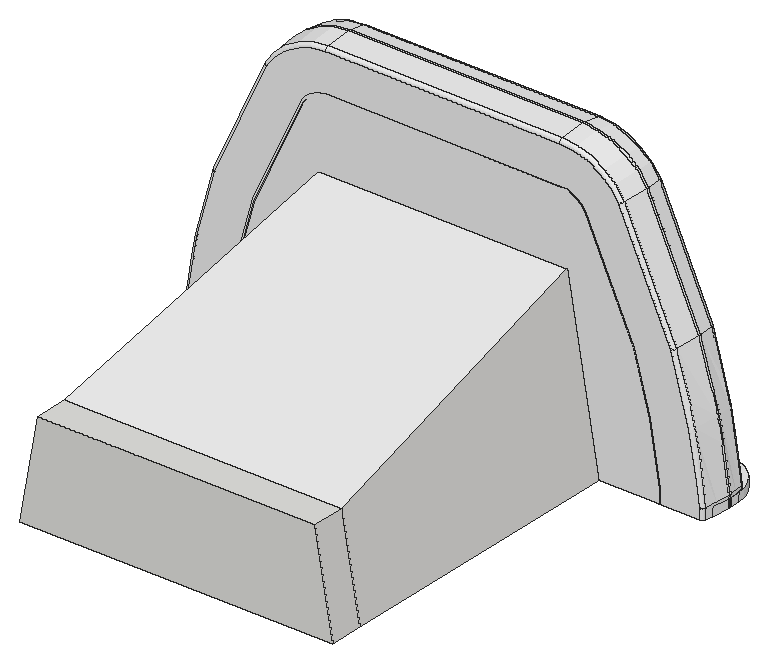
Revit family "Plumbing-Sink-Sloan-Valve-EWF-44000", category Plumbing Fixtures, host Face, Revit 2019
Family settings
  Host = Face
  Round Connector Dimension = Use Diameter
  Part Type = Normal
  OmniClass Number = 23.45.05.14.14
  OmniClass Title = Sinks/Lavatories
  Cut with Voids When Loaded = No
  Shared = No
  Room Calculation Point = No
Parameters (values of type "EWF-44000-FM")
  z_FM = yes
  z_D [instance] = if(z_FM, 0", if([TAS Ages 4-10], 13 1/2", if([TAS Ages 11-15], 15 1/2", if(ADA Compliant, 6", 6"))))  # 0"
  z_C [instance] = if([TAS Ages 4-10], 30", if([TAS Ages 11-15], 32", if(ADA Compliant, 33 1/2", 34")))  # 34"
  Width = 46"  # constant formula
  Water Flow = 0.5 GPM
  Waste Connection = yes
  WFU = 2
  Voltage = 110 V
  Vent Connection = no
  Valve Pressure Drop = 0.0 Pa
  URL = "www.sloanvalve.com"
  TAS Ages 4-10 [instance] = no
  TAS Ages 11-15 [instance] = no
  Sanitary Drain Connection Diameter = 1 1/2"  # constant formula
  Product data url = "https://bimobject.com/sloan_valve/product/sinks_sloanstone_ewf-44000"
  Product Material = Sloan - SloanStone - Pearl (PL)
  Product Guid = ""
  Power Factor = 0.8
  Part Number = ""
  Number of Poles = 3
  Model = "EWF-44000-FM"
  Manufacturer = "Sloan Valve"  # constant formula
  Keynote = "10000"
  Hot Water Connection Diameter = 1/2"  # constant formula
  Height = 39 1/2"  # constant formula
  HWFU = 1.5
  HW Connection = yes
  z_Elevation [instance] = if(z_FM, 23 1/2", if([TAS Ages 4-10], 20 1/2", if([TAS Ages 11-15], 22 1/2", if(ADA Compliant, 24", 23 1/2"))))  # 23 1/2"
  Frequency = 60 Hz
  Edition number = 1
  Description = "SloanStone® 4-Station Wall-Mounted Wash Fountain Sink."
  Depth = 26"  # constant formula
  Default Elevation = 0"  # constant formula
  Current = 15 A
  Cold Water Connection Diameter = 1/2"  # constant formula
  CWFU = 1.5
  CW Connection = yes
  Assembly Code = "D2010400"
  Apparent Load = (Voltage * Current) / (Power Factor * Number of Poles)  # 687.5 VA
  ADA Compliant [instance] = no
Reference planes (in)
  plane 1 "Center (Front/Back)": y = 0
  plane 2: z = 0
  plane 3 "Center (Left/Right)": x = 0
  plane 4: y = -10.5
  plane 5: y = -34
  plane 6: y = -34
Dimensions and locks (in)
  "z_C": plane 5 to plane 1 "Center (Front/Back)"
  "z_Elevation": plane 4 to plane 5
  "z_D": plane 6 to plane 5
  aligned and locked: plane 2 to host face
  aligned and locked: level to host face
  aligned and locked: plane 3 "Center (Left/Right)" to nested 1
  aligned and locked: plane 1 "Center (Front/Back)" to nested 1
Automatic sketch dimensions
  host sketch curve to host sketch curve = 96"  (x2)
Nested families (in)
  nested 1: "Geometry" at (0, 0, 0), type "Geometry"
    with D 0"
Connectors (in)
  piping at (0, -10.5, 0), diameter 1.5, driven by "Sanitary Drain Connection Diameter", driven by "WFU"
    settings: on nested 1, index 12, connector inside diameter 24", connector length 0", flow factor 0, pipe flow 0.0 GPM, pressure drop 0.0 Pa, fitting loss kfactor 0, connector angle 0.00°, fixture units 2, engagement length 0", angle of deflection 0.00°, flow configuration 3, flow direction 2, fitting loss method 0, system type 16, joint type 0, gender type 0, connector reference index -1, connector utility 0, adjustable connector no, is connector primary yes, connector description "Sanitary Drain Connection"
  piping at (-3.75, -26, 0), diameter 0.5, driven by "Hot Water Connection Diameter", driven by "Valve Pressure Drop", driven by "Water Flow"
    settings: on nested 1, index 13, connector inside diameter 24", connector length 0", flow factor 0, pipe flow 0.5 GPM, pressure drop 0.0 Pa, fitting loss kfactor 0, connector angle 0.00°, fixture units 1.5, engagement length 0", angle of deflection 0.00°, flow configuration 2, flow direction 1, fitting loss method 0, system type 19, joint type 0, gender type 0, connector reference index -1, connector utility 0, adjustable connector no, is connector primary no, connector description "Hot Water Connection"
  piping at (3.75, -26, 0), diameter 0.5, driven by "Cold Water Connection Diameter", driven by "Valve Pressure Drop", driven by "Water Flow"
    settings: on nested 1, index 14, connector inside diameter 24", connector length 0", flow factor 0, pipe flow 0.5 GPM, pressure drop 0.0 Pa, fitting loss kfactor 0, connector angle 0.00°, fixture units 1.5, engagement length 0", angle of deflection 0.00°, flow configuration 1, flow direction 1, fitting loss method 0, system type 20, joint type 0, gender type 0, connector reference index -1, connector utility 0, adjustable connector no, is connector primary no, connector description "Cold Water Connection"
  electrical at (7.81046, -19.5, 0.03125), driven by "Number of Poles", driven by "Voltage", driven by "Apparent Load", driven by "Apparent Load", driven by "Apparent Load", driven by "Power Factor"
    settings: on nested 1, index 15, voltage 110 V, apparent load 0 VA, apparent load phase1 687.5 VA, apparent load phase2 687.5 VA, apparent load phase3 687.5 VA, power factor 0.8, load classification "Other", number of poles 3, system type 31, power factor state 1, is connector primary yes, connector utility no, sub classification motor no, connector description "Power Connection"
Definition of nested family "Geometry"
  Parameters (values of type "Geometry")
    URL = ""
    Product Material = none
    Model = ""
    Manufacturer = ""
    Keynote = ""
    Description = ""
    Default Elevation = 34"
    D = 6"
    C = 34"
    Assembly Code = ""
    A = 23 1/2"
  Reference planes (in)
    plane 1 "Center (Front/Back)": y = 0
    plane 2: z = 0
    plane 3 "Center (Left/Right)": x = 0
    plane 4: x = -23
    plane 5: x = 23
    plane 6: z = 26
    plane 7: y = -34
    plane 8: y = -25
    plane 9: y = 5.5
    plane 10: y = -4.5
    plane 11: y = -19.5
    plane 12: x = -1
    plane 13: x = -5
    plane 14: y = -10.5
    plane 15: x = 11.56393
    plane 16: x = -11.56393
    plane 17: x = 5
    plane 18: y = 4.31555
    plane 19: x = -13.81046
    plane 20: x = 13.81046
    plane 21: x = -11.02386
    plane 22: x = 11.02386
    plane 23: x = -22.62222
    plane 24: x = -22.87557
    plane 25: x = -22.92324
    plane 26: x = -22.94739
    plane 27: x = 23.1084
    plane 28: x = 23.18958
    plane 29: x = -23.16714
    plane 30: x = -23.15483
    plane 31: z = 25.83579
    plane 32: z = 25.86616
    plane 33: z = 26.04104
    plane 34: y = -28
  Forms (in)
    Extrusion 1, solid
      sketch origin (0, 0, 0) x (1, 0, 0) y (0, 1, 0)
        loop
          line (-48, 48) -> (-48, -48) -> (48, -48) -> (48, 48) -> (-48, 48)
      from 0 to -12
    Sweep 2, solid, material <- "Product Material"
      path origin (2.17627, 0, 0) x (1, 0, 0) y (0, 0, 1)
        loop
          line (20.73024, 0.03125) -> (20.73024, 0.96952)
          arc (20.73024, 0.96952) -> (19.7696, 6.86823) -> (18.16101, 12.62409) r 53.83177
          arc (18.16101, 12.62409) -> (16.12144, 17.73285) -> (13.56458, 22.60334) r 53.13163
          arc (13.56458, 22.60334) -> (11.31862, 24.81051) -> (8.27461, 25.61668) r 6.14997
          line (8.27461, 25.61668) -> (-12.44258, 25.61668)
          arc (-12.44258, 25.61668) -> (-15.48659, 24.81051) -> (-17.73255, 22.60334) r 6.14997
          arc (-17.73255, 22.60334) -> (-20.2894, 17.73285) -> (-22.32898, 12.62409) r 53.13163
          arc (-22.32898, 12.62409) -> (-23.93757, 6.86823) -> (-24.89821, 0.96952) r 53.83177
          line (-24.89821, 0.96952) -> (-24.89821, 0.03125)
      profile origin (22.90651, 0, 0.96952) x (-1, 0, 0) y (0, -1, 0)
        loop
          line (1.47023, 0.49788) -> (1.47023, 3.5) -> (3.72023, 3.5) -> (3.72023, 4.49801) -> (1.47023, 4.49801) -> (0.09119, 4.49801)
          arc (0.09119, 4.49801) -> (-0.11947, 4.41633) -> (-0.22001, 4.21399) r 0.3125
          line (-0.22001, 4.21399) -> (-0.42526, 1.97111)
          arc (-0.42526, 1.97111) -> (-0.43105, 1.86939) -> (-0.43348, 1.76753) r 3.08985
          line (-0.43348, 1.76753) -> (-0.1996, 0.26248)
          arc (-0.1996, 0.26248) -> (-0.0941, 0.07314) -> (0.1092, -0.00203) r 0.3125
          line (0.1092, -0.00203) -> (0.97023, -0.00212)
          arc (0.97023, -0.00212) -> (1.32379, 0.14433) -> (1.47023, 0.49788) r 0.5
    Sweep 3, solid, material <- "Product Material"
      path origin (0, 0, 0) x (1, 0, 0) y (0, 0, 1)
        loop
          line (11.60277, -0.00907) -> (11.60277, 1.58857) -> (9.70572, 11.30464)
          arc (9.70572, 11.30464) -> (9.00537, 12.48014) -> (7.71745, 12.94224) r 2.02581
          line (7.71745, 12.94224) -> (0, 12.94224) -> (-7.72144, 12.94224)
          arc (-7.72144, 12.94224) -> (-9.00937, 12.48014) -> (-9.70971, 11.30464) r 2.02581
          line (-9.70971, 11.30464) -> (-11.60676, 1.58857) -> (-11.60676, -0.00907)
      profile origin (0, 0, 12.94224) x (0, 0, -1) y (0, -1, 0)
        loop
          line (0.70572, 0) -> (0.70572, -4.69016) -> (-0.21887, -4.69016) -> (-0.21887, -5.0001)
          arc (-0.21887, -5.0001) -> (-0.07245, -5.35358) -> (0.28103, -5.5) r 0.4999
          line (0.28103, -5.5) -> (1.4987, -5.5) -> (1.4987, 0) -> (0.70572, 0)
    Extrusion 4, solid, material <- "Product Material"
      sketch origin (0, 0, 0) x (1, 0, 0) y (0, 0, 1)
        loop
          line (10.10407, 0) -> (10.10407, 1.44363) -> (8.2348, 11.01744)
          arc (8.2348, 11.01744) -> (8.05257, 11.32331) -> (7.71745, 11.44355) r 0.52712
          line (7.71745, 11.44355) -> (-7.72144, 11.44355)
          arc (-7.72144, 11.44355) -> (-8.05656, 11.32331) -> (-8.23879, 11.01744) r 0.52712
          line (-8.23879, 11.01744) -> (-10.10806, 1.44363) -> (-10.10806, 0) -> (10.10407, 0)
      from -5.5 to 4.5
    Extrusion 5, solid, material <- "Product Material"
      sketch origin (10.4307, 4.75, 2.2272) x (-0.207912, 0, 0.978148) y (0, -1, 0)
        loop
          line (5.53759, 1.2983) -> (4.78759, 1.2983)
          arc (4.78759, 1.2983) -> (4.41259, 0.9233) -> (4.78759, 0.5483) r 0.375
          line (4.78759, 0.5483) -> (5.53759, 0.5483)
          arc (5.53759, 0.5483) -> (5.91259, 0.9233) -> (5.53759, 1.2983) r 0.375
      from 0 to 0.0625
    Extrusion 6, solid
      sketch origin (9.51016, 4.75, 12.25) x (-1, 0, 0) y (0, -1, 0)
        loop
          line (5.53759, 1.2983) -> (4.78759, 1.2983)
          arc (4.78759, 1.2983) -> (4.41259, 0.9233) -> (4.78759, 0.5483) r 0.375
          line (4.78759, 0.5483) -> (5.53759, 0.5483)
          arc (5.53759, 0.5483) -> (5.91259, 0.9233) -> (5.53759, 1.2983) r 0.375
      from 0 to 0.0625
    Extrusion 7, solid
      sketch origin (-9.51016, 4.75, 12.25) x (1, 0, 0) y (0, 1, 0)
        loop
          arc (5.53759, -1.2983) -> (5.91259, -0.9233) -> (5.53759, -0.5483) r 0.375
          line (5.53759, -0.5483) -> (4.78759, -0.5483)
          arc (4.78759, -0.5483) -> (4.41259, -0.9233) -> (4.78759, -1.2983) r 0.375
          line (4.78759, -1.2983) -> (5.53759, -1.2983)
      from 0 to 0.0625
    Extrusion 8, solid, material <- "Product Material"
      sketch origin (-10.4307, 4.75, 2.2272) x (0.207912, 0, 0.978148) y (0, 1, 0)
        loop
          arc (5.53759, -1.2983) -> (5.91259, -0.9233) -> (5.53759, -0.5483) r 0.375
          line (5.53759, -0.5483) -> (4.78759, -0.5483)
          arc (4.78759, -0.5483) -> (4.41259, -0.9233) -> (4.78759, -1.2983) r 0.375
          line (4.78759, -1.2983) -> (5.53759, -1.2983)
      from 0 to 0.0625
    Extrusion 9, solid, material <- "Product Material"
      sketch origin (0, 0, 0) x (1, 0, 0) y (0, 1, 0)
        loop
          circle (3.75, -26) r 0.25
        loop
          circle (-3.75, -26) r 0.25
        loop
          circle (0, -10.5) r 0.75
        loop
          line (6.81046, -18) -> (6.81046, -21) -> (8.81046, -21) -> (8.81046, -18) -> (6.81046, -18)
      from 0 to 0.03125
    Revolve 10, solid
      sketch origin (4.58942, 14.56477, 11.44543) x (0.508513, 0.829038, -0.232618) y (0.415989, 0, 0.90937)
        loop
          line (-15.51805, -2.03868) -> (-15.66935, -2.18997) -> (-15.41233, -2.44699) -> (-15.26104, -2.29569) -> (-15.51805, -2.03868)
        axis (-15.7615, -2.28213) -> (-15.50449, -2.53914)
      angle from 0 to 360
    Revolve 11, solid
      sketch origin (-4.34757, -0.25, 0.48499) x (0, 1, 0) y (0, 0, 1)
        loop
          line (2.04794, 12.63041) -> (2.04794, 11.76501) -> (2.54794, 11.76501) -> (2.54794, 12.13041)
          arc (2.54794, 12.13041) -> (2.4015, 12.48396) -> (2.04794, 12.63041) r 0.5
        axis (2.04794, 12.63041) -> (2.04794, 11.76501)
      angle from 0 to 360
    Revolve 12, solid
      sketch origin (-4.58942, 14.56477, 11.44543) x (-0.508513, 0.829038, -0.232618) y (0.415989, 0, -0.90937)
        loop
          line (-15.51805, 2.03868) -> (-15.26104, 2.29569) -> (-15.41233, 2.44699) -> (-15.66935, 2.18997) -> (-15.51805, 2.03868)
        axis (-15.7615, 2.28213) -> (-15.50449, 2.53914)
      angle from 0 to 360
    Revolve 13, solid
      sketch origin (4.34757, -0.25, 0.48499) x (0, 1, 0) y (0, 0, -1)
        loop
          arc (2.04794, -12.63041) -> (2.4015, -12.48396) -> (2.54794, -12.13041) r 0.5
          line (2.54794, -12.13041) -> (2.54794, -11.76501) -> (2.04794, -11.76501) -> (2.04794, -12.63041)
        axis (2.04794, -12.63041) -> (2.04794, -11.76501)
      angle from 0 to 360
    Revolve 14, solid
      sketch origin (6.71224, 14.56477, 15.85138) x (-0.333261, 0.829038, 0.449037) y (-0.803009, 0, -0.595967)
        loop
          line (-15.51805, 2.03868) -> (-15.26104, 2.29569) -> (-15.41233, 2.44699) -> (-15.66935, 2.18997) -> (-15.51805, 2.03868)
        axis (-15.7615, 2.28213) -> (-15.50449, 2.53914)
      angle from 0 to 360
    Revolve 15, solid
      sketch origin (-2.15058, -0.25, 4.83089) x (0, 1, 0) y (-0.978148, 0, -0.207912)
        loop
          arc (2.04794, -12.63041) -> (2.4015, -12.48396) -> (2.54794, -12.13041) r 0.5
          line (2.54794, -12.13041) -> (2.54794, -11.76501) -> (2.04794, -11.76501) -> (2.04794, -12.63041)
        axis (2.04794, -12.63041) -> (2.04794, -11.76501)
      angle from 0 to 360
    Revolve 16, solid
      sketch origin (-6.71224, 14.56477, 15.85138) x (0.333261, 0.829038, 0.449037) y (-0.803009, 0, 0.595967)
        loop
          line (-15.51805, -2.03868) -> (-15.66935, -2.18997) -> (-15.41233, -2.44699) -> (-15.26104, -2.29569) -> (-15.51805, -2.03868)
        axis (-15.7615, -2.28213) -> (-15.50449, -2.53914)
      angle from 0 to 360
    Revolve 17, solid
      sketch origin (2.15058, -0.25, 4.83089) x (0, 1, 0) y (-0.978148, 0, 0.207912)
        loop
          line (2.04794, 12.63041) -> (2.04794, 11.76501) -> (2.54794, 11.76501) -> (2.54794, 12.13041)
          arc (2.54794, 12.13041) -> (2.4015, 12.48396) -> (2.04794, 12.63041) r 0.5
        axis (2.04794, 12.63041) -> (2.04794, 11.76501)
      angle from 0 to 360
    Extrusion 18, solid
      sketch origin (111.09563, -25, -18.08608) x (1, 0, 0) y (0, 0, 1)
        loop
          line (-97.18954, 18.11733) -> (-98.75201, 26.9788) -> (-123.24799, 26.9788) -> (-124.81046, 18.11733) -> (-97.18954, 18.11733)
      from 0 to 3
    Blend 19, solid
      base sketch origin (-110.90437, -25, -18.08608) x (-1, 0, 0) y (0, 0, 1)
        loop
          line (-98.75201, 26.9788) -> (-123.24799, 26.9788) -> (-124.81046, 18.11733) -> (-97.18954, 18.11733) -> (-98.75201, 26.9788)
      top sketch origin (-110.90437, -25, -18.08608) x (-1, 0, 0) y (0, 0, 1)
        loop
          line (-97.18954, 18.11733) -> (-99.97614, 33.92139) -> (-121.97614, 33.92139) -> (-124.76274, 18.11733) -> (-97.18954, 18.11733)
      from 0 to 20.61683
    Extrusion 20, solid, material <- "Product Material"
      sketch origin (0, 0, 0) x (1, 0, 0) y (0, 0, 1)
        loop
          arc (-10.2961, 22.15414) -> (-11.49976, 21.83505) -> (-12.38728, 20.96158) r 2.42974
          arc (-12.38728, 20.96158) -> (-14.7901, 16.39871) -> (-16.70427, 11.61026) r 49.4114
          arc (-16.70427, 11.61026) -> (-18.14214, 6.5008) -> (-19.0315, 1.26792) r 50.11153
          line (-19.0315, 1.26792) -> (-19.0315, 0.03125) -> (19.27368, 0.03125) -> (19.27368, 1.26792)
          arc (19.27368, 1.26792) -> (18.38433, 6.5008) -> (16.94646, 11.61026) r 50.11153
          arc (16.94646, 11.61026) -> (15.03228, 16.39871) -> (12.62947, 20.96158) r 49.4114
          arc (12.62947, 20.96158) -> (11.74195, 21.83505) -> (10.53829, 22.15414) r 2.42974
          line (10.53829, 22.15414) -> (-10.2961, 22.15414)
      from 3.5 to 4.5
    Extrusion 21, solid, material <- "Product Material"
      sketch origin (0, 0, 0) x (1, 0, 0) y (0, 1, 0)
        loop
          line (23.19186, -3.5) -> (23.33999, -1.88134) -> (23.33999, -0.79975)
          arc (23.33999, -0.79975) -> (22.17333, 1.62751) -> (19.72555, 2.75048) r 3.96705
          line (19.72555, 2.75048) -> (11.42071, 3.47706) -> (-11.23555, 3.47706) -> (-19.39125, 2.76353)
          arc (-19.39125, 2.76353) -> (-21.99753, 1.71338) -> (-23.2544, -0.79975) r 3.96705
          line (-23.2544, -0.79975) -> (-23.00729, -3.5) -> (23.19186, -3.5)
      from 0 to 0.76881
    Extrusion 22, solid
      sketch origin (0, -3.375, -0.00127) x (1, 0, 0) y (0, 0, 1)
        loop
          line (1.08476, 13.80717) -> (-1.08476, 13.80717)
          arc (-1.08476, 13.80717) -> (-1.43831, 13.66073) -> (-1.58476, 13.30717) r 0.5
          line (-1.58476, 13.30717) -> (-1.58476, 12.55872)
          arc (-1.58476, 12.55872) -> (-1.43831, 12.20516) -> (-1.08476, 12.05872) r 0.5
          line (-1.08476, 12.05872) -> (1.08476, 12.05872)
          arc (1.08476, 12.05872) -> (1.43831, 12.20516) -> (1.58476, 12.55872) r 0.5
          line (1.58476, 12.55872) -> (1.58476, 13.30717)
          arc (1.58476, 13.30717) -> (1.43831, 13.66073) -> (1.08476, 13.80717) r 0.5
        loop
          line (0.91362, 13.62634) -> (0.66362, 13.62634) -> (0.66362, 13.37634) -> (0.91362, 13.37634) -> (0.91362, 13.62634)
        loop
          line (0.91362, 12.23955) -> (0.91362, 12.48955) -> (0.66362, 12.48955) -> (0.66362, 12.23955) -> (0.91362, 12.23955)
        loop
          line (0.91362, 12.60789) -> (0.91362, 12.85789) -> (0.66362, 12.85789) -> (0.66362, 12.60789) -> (0.91362, 12.60789)
        loop
          line (0.91362, 13.258) -> (0.66362, 13.258) -> (0.66362, 13.008) -> (0.91362, 13.008) -> (0.91362, 13.258)
        loop
          line (0.51931, 13.62634) -> (0.26931, 13.62634) -> (0.26931, 13.37634) -> (0.51931, 13.37634) -> (0.51931, 13.62634)
        loop
          line (0.51931, 12.23955) -> (0.51931, 12.48955) -> (0.26931, 12.48955) -> (0.26931, 12.23955) -> (0.51931, 12.23955)
        loop
          line (0.51931, 12.60789) -> (0.51931, 12.85789) -> (0.26931, 12.85789) -> (0.26931, 12.60789) -> (0.51931, 12.60789)
        loop
          line (0.51931, 13.258) -> (0.26931, 13.258) -> (0.26931, 13.008) -> (0.51931, 13.008) -> (0.51931, 13.258)
        loop
          line (0.125, 13.62634) -> (-0.125, 13.62634) -> (-0.125, 13.37634) -> (0.125, 13.37634) -> (0.125, 13.62634)
        loop
          line (0.125, 12.23955) -> (0.125, 12.48955) -> (-0.125, 12.48955) -> (-0.125, 12.23955) -> (0.125, 12.23955)
        loop
          line (0.125, 12.60789) -> (0.125, 12.85789) -> (-0.125, 12.85789) -> (-0.125, 12.60789) -> (0.125, 12.60789)
        loop
          line (0.125, 13.258) -> (-0.125, 13.258) -> (-0.125, 13.008) -> (0.125, 13.008) -> (0.125, 13.258)
        loop
          line (1.30793, 13.62634) -> (1.05793, 13.62634) -> (1.05793, 13.37634) -> (1.30793, 13.37634) -> (1.30793, 13.62634)
        loop
          line (1.30793, 12.23955) -> (1.30793, 12.48955) -> (1.05793, 12.48955) -> (1.05793, 12.23955) -> (1.30793, 12.23955)
        loop
          line (1.30793, 12.60789) -> (1.30793, 12.85789) -> (1.05793, 12.85789) -> (1.05793, 12.60789) -> (1.30793, 12.60789)
        loop
          line (1.30793, 13.258) -> (1.05793, 13.258) -> (1.05793, 13.008) -> (1.30793, 13.008) -> (1.30793, 13.258)
        loop
          line (-0.91362, 13.62634) -> (-0.91362, 13.37634) -> (-0.66362, 13.37634) -> (-0.66362, 13.62634) -> (-0.91362, 13.62634)
        loop
          line (-0.91362, 12.23955) -> (-0.66362, 12.23955) -> (-0.66362, 12.48955) -> (-0.91362, 12.48955) -> (-0.91362, 12.23955)
        loop
          line (-0.91362, 12.60789) -> (-0.66362, 12.60789) -> (-0.66362, 12.85789) -> (-0.91362, 12.85789) -> (-0.91362, 12.60789)
        loop
          line (-0.91362, 13.258) -> (-0.91362, 13.008) -> (-0.66362, 13.008) -> (-0.66362, 13.258) -> (-0.91362, 13.258)
        loop
          line (-0.51931, 13.62634) -> (-0.51931, 13.37634) -> (-0.26931, 13.37634) -> (-0.26931, 13.62634) -> (-0.51931, 13.62634)
        loop
          line (-0.51931, 12.23955) -> (-0.26931, 12.23955) -> (-0.26931, 12.48955) -> (-0.51931, 12.48955) -> (-0.51931, 12.23955)
        loop
          line (-0.51931, 12.60789) -> (-0.26931, 12.60789) -> (-0.26931, 12.85789) -> (-0.51931, 12.85789) -> (-0.51931, 12.60789)
        loop
          line (-0.51931, 13.258) -> (-0.51931, 13.008) -> (-0.26931, 13.008) -> (-0.26931, 13.258) -> (-0.51931, 13.258)
        loop
          line (-1.30793, 13.62634) -> (-1.30793, 13.37634) -> (-1.05793, 13.37634) -> (-1.05793, 13.62634) -> (-1.30793, 13.62634)
        loop
          line (-1.30793, 12.23955) -> (-1.05793, 12.23955) -> (-1.05793, 12.48955) -> (-1.30793, 12.48955) -> (-1.30793, 12.23955)
        loop
          line (-1.30793, 12.60789) -> (-1.05793, 12.60789) -> (-1.05793, 12.85789) -> (-1.30793, 12.85789) -> (-1.30793, 12.60789)
        loop
          line (-1.30793, 13.258) -> (-1.30793, 13.008) -> (-1.05793, 13.008) -> (-1.05793, 13.258) -> (-1.30793, 13.258)
      from 0 to 0.125
    Extrusion 23, solid
      sketch origin (10.7903, 4.75, 2.25372) x (-0.199368, 0, 0.979925) y (0, -1, 0)
        loop
          line (5.53759, 1.2983) -> (4.78759, 1.2983)
          arc (4.78759, 1.2983) -> (4.41259, 0.9233) -> (4.78759, 0.5483) r 0.375
          line (4.78759, 0.5483) -> (5.53759, 0.5483)
          arc (5.53759, 0.5483) -> (5.91259, 0.9233) -> (5.53759, 1.2983) r 0.375
      from 0 to 0.0625
    Extrusion 24, solid
      sketch origin (-10.7903, 4.75, 2.25372) x (0.199368, 0, 0.979925) y (0, 1, 0)
        loop
          arc (5.53759, -1.2983) -> (5.91259, -0.9233) -> (5.53759, -0.5483) r 0.375
          line (5.53759, -0.5483) -> (4.78759, -0.5483)
          arc (4.78759, -0.5483) -> (4.41259, -0.9233) -> (4.78759, -1.2983) r 0.375
          line (4.78759, -1.2983) -> (5.53759, -1.2983)
      from 0 to 0.0625
  Cuts and joins
    joined: Sweep 2, Sweep 3, Extrusion 4, Extrusion 5, Extrusion 8
    joined: Extrusion 18, Blend 19
  Lines and regions (in)
    Masking region 1
      outline origin (0.12364, 0, 0.00907) x (1, 0, 0) y (0, 0, 1)
        loop
          line (23.21635, -0.00907) -> (23.21635, 1.29884)
          arc (23.21635, 1.29884) -> (20.62323, 12.466) -> (15.8084, 22.87018) r 55.94957
          arc (15.8084, 22.87018) -> (13.43973, 25.1917) -> (10.23166, 26.03334) r 6.46542
          line (10.23166, 26.03334) -> (-10.39336, 26.03334)
          arc (-10.39336, 26.03334) -> (-13.60143, 25.1917) -> (-15.9701, 22.87018) r 6.46542
          arc (-15.9701, 22.87018) -> (-20.78493, 12.466) -> (-23.37804, 1.29884) r 55.94957
          line (-23.37804, 1.29884) -> (-23.37804, -0.00907) -> (23.21635, -0.00907)
    symbolic lines, detail levels medium+fine
      curve 1: line (11.04039, 0, 0) -> (11.04039, 0, 0.7941)
      curve 2: line (11.04039, 0, 0.7941) -> (8.99981, 0, 11.24529)
      curve 3: arc (8.99981, 0, 11.24529) -> (8.57806, 0, 11.95318) -> (7.80248, 0, 12.23145) r 1.21994
      curve 4: line (-11.07558, 0, 0) -> (-11.07558, 0, 0.7941)
      curve 5: line (-11.07558, 0, 0.7941) -> (-9.06668, 0, 11.08304)
      curve 6: arc (-9.06668, 0, 11.08304) -> (-8.57554, 0, 11.90739) -> (-7.67235, 0, 12.23145) r 1.42066
      curve 7: line (7.80248, 0, 12.23145) -> (-7.67235, 0, 12.23145)
      curve 8: line (23.30566, 0, 1.30791) -> (10.94007, 0, 1.30791)
      curve 9: line (-23.2544, 0, 1.30791) -> (-10.97526, 0, 1.30791)
      curve 10: arc (21.50183, 0, 1.29419) -> (18.98803, 0, 11.60877) -> (14.4792, 0, 21.22023) r 53.28336
      curve 11: arc (14.4792, 0, 21.22023) -> (12.28733, 0, 23.36391) -> (9.32299, 0, 24.14645) r 6.00593
      curve 12: arc (-22.00772, 0, 1.30791) -> (-19.49353, 0, 11.6153) -> (-14.98702, 0, 21.22023) r 53.28336
      curve 13: arc (-14.98702, 0, 21.22023) -> (-12.79514, 0, 23.36391) -> (-9.8308, 0, 24.14645) r 6.00593
      curve 14: line (9.32299, 0, 24.14645) -> (-9.8308, 0, 24.14645)
    symbolic lines, detail levels fine
      curve 15: arc (9.66021, 0, 7.86295) -> (10.18216, 0, 7.45715) -> (9.85119, 0, 6.88483) r 0.50297
      curve 16: arc (10.14181, 0, 7.14283) -> (10.28946, 0, 7.5445) -> (9.94245, 0, 7.79493) r 0.35405
      curve 17: arc (-9.70239, 0, 7.82714) -> (-10.22583, 0, 7.42143) -> (-9.89344, 0, 6.84863) r 0.50297
      curve 18: arc (-10.18548, 0, 7.10711) -> (-10.33313, 0, 7.50878) -> (-9.98612, 0, 7.75921) r 0.35405
      curve 19: arc (4.12807, 0, 13.14129) -> (4.37876, 0, 13.22415) -> (4.62986, 0, 13.14254) r 0.42385
      curve 20: arc (4.0832, 0, 13.04716) -> (4.09533, 0, 13.09914) -> (4.12807, 0, 13.14129) r 0.12482
      curve 21: arc (4.67842, 0, 13.0569) -> (4.70882, 0, 12.99865) -> (4.72297, 0, 12.93449) r 0.2496
      curve 22: arc (4.72297, 0, 12.93449) -> (4.81123, 0, 12.78445) -> (4.85197, 0, 12.61521) r 0.59135
      curve 23: line (4.85197, 0, 12.61521) -> (4.85197, 0, 12.23145)
      curve 24: arc (4.0832, 0, 13.04716) -> (4.05737, 0, 12.99312) -> (4.04516, 0, 12.93449) r 0.2496
      curve 25: arc (4.04516, 0, 12.93449) -> (3.95691, 0, 12.78445) -> (3.91617, 0, 12.61521) r 0.59135
      curve 26: line (3.91617, 0, 12.61521) -> (3.91617, 0, 12.23145)
      curve 27: arc (4.67842, 0, 13.0569) -> (4.66336, 0, 13.10494) -> (4.62986, 0, 13.14254) r 0.11965
      curve 28: arc (4.67842, 0, 13.0569) -> (4.38107, 0, 13.12342) -> (4.08372, 0, 13.0569) r 0.69781
      curve 29: arc (4.72297, 0, 12.93449) -> (4.38407, 0, 13.00982) -> (4.04516, 0, 12.93449) r 0.8
      curve 30: arc (-4.04703, 0, 13.14129) -> (-4.29772, 0, 13.22415) -> (-4.54882, 0, 13.14254) r 0.42385
      curve 31: arc (-4.00216, 0, 13.04716) -> (-4.01429, 0, 13.09914) -> (-4.04703, 0, 13.14129) r 0.12482
      curve 32: arc (-4.59738, 0, 13.0569) -> (-4.62778, 0, 12.99865) -> (-4.64193, 0, 12.93449) r 0.2496
      curve 33: arc (-4.64193, 0, 12.93449) -> (-4.73019, 0, 12.78445) -> (-4.77093, 0, 12.61521) r 0.59135
      curve 34: line (-4.77093, 0, 12.61521) -> (-4.77093, 0, 12.23145)
      curve 35: arc (-4.00216, 0, 13.04716) -> (-3.97633, 0, 12.99312) -> (-3.96412, 0, 12.93449) r 0.2496
      curve 36: arc (-3.96412, 0, 12.93449) -> (-3.87587, 0, 12.78445) -> (-3.83513, 0, 12.61521) r 0.59135
      curve 37: line (-3.83513, 0, 12.61521) -> (-3.83513, 0, 12.23145)
      curve 38: arc (-4.59738, 0, 13.0569) -> (-4.58232, 0, 13.10494) -> (-4.54882, 0, 13.14254) r 0.11965
      curve 39: arc (-4.59738, 0, 13.0569) -> (-4.30003, 0, 13.12342) -> (-4.00268, 0, 13.0569) r 0.69781
      curve 40: arc (-4.64193, 0, 12.93449) -> (-4.30303, 0, 13.00982) -> (-3.96412, 0, 12.93449) r 0.8
      curve 41: arc (1.46387, 0, 12.23145) -> (1.55356, 0, 12.3836) -> (1.58476, 0, 12.55745) r 0.5
      curve 42: line (1.58476, 0, 12.55745) -> (1.58476, 0, 13.3059)
      curve 43: arc (1.58476, 0, 13.3059) -> (1.43831, 0, 13.65946) -> (1.08476, 0, 13.8059) r 0.5
      curve 44: line (1.08476, 0, 13.8059) -> (-1.08476, 0, 13.8059)
      curve 45: arc (-1.08476, 0, 13.8059) -> (-1.43831, 0, 13.65946) -> (-1.58476, 0, 13.3059) r 0.5
      curve 46: line (-1.58476, 0, 13.3059) -> (-1.58476, 0, 12.55745)
      curve 47: arc (-1.58476, 0, 12.55745) -> (-1.55356, 0, 12.3836) -> (-1.46387, 0, 12.23145) r 0.5
      curve 48: line (1.30793, 0, 13.62507) -> (1.05793, 0, 13.62507)
      curve 49: line (1.05793, 0, 13.62507) -> (1.05793, 0, 13.37507)
      curve 50: line (1.05793, 0, 13.37507) -> (1.30793, 0, 13.37507)
      curve 51: line (1.30793, 0, 13.37507) -> (1.30793, 0, 13.62507)
      curve 52: line (0.91362, 0, 13.62507) -> (0.66362, 0, 13.62507)
      curve 53: line (0.66362, 0, 13.62507) -> (0.66362, 0, 13.37507)
      curve 54: line (0.66362, 0, 13.37507) -> (0.91362, 0, 13.37507)
      curve 55: line (0.91362, 0, 13.37507) -> (0.91362, 0, 13.62507)
      curve 56: line (0.51931, 0, 13.62507) -> (0.26931, 0, 13.62507)
      curve 57: line (0.26931, 0, 13.62507) -> (0.26931, 0, 13.37507)
      curve 58: line (0.26931, 0, 13.37507) -> (0.51931, 0, 13.37507)
      curve 59: line (0.51931, 0, 13.37507) -> (0.51931, 0, 13.62507)
      curve 60: line (0.125, 0, 13.62507) -> (-0.125, 0, 13.62507)
      curve 61: line (-0.125, 0, 13.62507) -> (-0.125, 0, 13.37507)
      curve 62: line (-0.125, 0, 13.37507) -> (0.125, 0, 13.37507)
      curve 63: line (0.125, 0, 13.37507) -> (0.125, 0, 13.62507)
      curve 64: line (-0.26931, 0, 13.62507) -> (-0.51931, 0, 13.62507)
      curve 65: line (-0.51931, 0, 13.62507) -> (-0.51931, 0, 13.37507)
      curve 66: line (-0.51931, 0, 13.37507) -> (-0.26931, 0, 13.37507)
      curve 67: line (-0.26931, 0, 13.37507) -> (-0.26931, 0, 13.62507)
      curve 68: line (-0.66362, 0, 13.62507) -> (-0.91362, 0, 13.62507)
      curve 69: line (-0.91362, 0, 13.62507) -> (-0.91362, 0, 13.37507)
      curve 70: line (-0.91362, 0, 13.37507) -> (-0.66362, 0, 13.37507)
      curve 71: line (-0.66362, 0, 13.37507) -> (-0.66362, 0, 13.62507)
      curve 72: line (-1.05793, 0, 13.62507) -> (-1.30793, 0, 13.62507)
      curve 73: line (-1.30793, 0, 13.62507) -> (-1.30793, 0, 13.37507)
      curve 74: line (-1.30793, 0, 13.37507) -> (-1.05793, 0, 13.37507)
      curve 75: line (-1.05793, 0, 13.37507) -> (-1.05793, 0, 13.62507)
      curve 76: line (-1.05793, 0, 13.25673) -> (-1.30793, 0, 13.25673)
      curve 77: line (-1.30793, 0, 13.25673) -> (-1.30793, 0, 13.00673)
      curve 78: line (-1.30793, 0, 13.00673) -> (-1.05793, 0, 13.00673)
      curve 79: line (-1.05793, 0, 13.00673) -> (-1.05793, 0, 13.25673)
      curve 80: line (-0.66362, 0, 13.25673) -> (-0.91362, 0, 13.25673)
      curve 81: line (-0.91362, 0, 13.25673) -> (-0.91362, 0, 13.00673)
      curve 82: line (-0.91362, 0, 13.00673) -> (-0.66362, 0, 13.00673)
      curve 83: line (-0.66362, 0, 13.00673) -> (-0.66362, 0, 13.25673)
      curve 84: line (-0.26931, 0, 13.25673) -> (-0.51931, 0, 13.25673)
      curve 85: line (-0.51931, 0, 13.25673) -> (-0.51931, 0, 13.00673)
      curve 86: line (-0.51931, 0, 13.00673) -> (-0.26931, 0, 13.00673)
      curve 87: line (-0.26931, 0, 13.00673) -> (-0.26931, 0, 13.25673)
      curve 88: line (0.125, 0, 13.25673) -> (-0.125, 0, 13.25673)
      curve 89: line (-0.125, 0, 13.25673) -> (-0.125, 0, 13.00673)
      curve 90: line (-0.125, 0, 13.00673) -> (0.125, 0, 13.00673)
      curve 91: line (0.125, 0, 13.00673) -> (0.125, 0, 13.25673)
      curve 92: line (0.51931, 0, 13.25673) -> (0.26931, 0, 13.25673)
      curve 93: line (0.26931, 0, 13.25673) -> (0.26931, 0, 13.00673)
      curve 94: line (0.26931, 0, 13.00673) -> (0.51931, 0, 13.00673)
      curve 95: line (0.51931, 0, 13.00673) -> (0.51931, 0, 13.25673)
      curve 96: line (0.91362, 0, 13.25673) -> (0.66362, 0, 13.25673)
      curve 97: line (0.66362, 0, 13.25673) -> (0.66362, 0, 13.00673)
      curve 98: line (0.66362, 0, 13.00673) -> (0.91362, 0, 13.00673)
      curve 99: line (0.91362, 0, 13.00673) -> (0.91362, 0, 13.25673)
      curve 100: line (1.30793, 0, 13.25673) -> (1.05793, 0, 13.25673)
      curve 101: line (1.05793, 0, 13.25673) -> (1.05793, 0, 13.00673)
      curve 102: line (1.05793, 0, 13.00673) -> (1.30793, 0, 13.00673)
      curve 103: line (1.30793, 0, 13.00673) -> (1.30793, 0, 13.25673)
      curve 104: line (1.30793, 0, 12.85662) -> (1.05793, 0, 12.85662)
      curve 105: line (1.05793, 0, 12.85662) -> (1.05793, 0, 12.60662)
      curve 106: line (1.05793, 0, 12.60662) -> (1.30793, 0, 12.60662)
      curve 107: line (1.30793, 0, 12.60662) -> (1.30793, 0, 12.85662)
      curve 108: line (0.91362, 0, 12.85662) -> (0.66362, 0, 12.85662)
      curve 109: line (0.66362, 0, 12.85662) -> (0.66362, 0, 12.60662)
      curve 110: line (0.66362, 0, 12.60662) -> (0.91362, 0, 12.60662)
      curve 111: line (0.91362, 0, 12.60662) -> (0.91362, 0, 12.85662)
      curve 112: line (0.51931, 0, 12.85662) -> (0.26931, 0, 12.85662)
      curve 113: line (0.26931, 0, 12.85662) -> (0.26931, 0, 12.60662)
      curve 114: line (0.26931, 0, 12.60662) -> (0.51931, 0, 12.60662)
      curve 115: line (0.51931, 0, 12.60662) -> (0.51931, 0, 12.85662)
      curve 116: line (0.125, 0, 12.85662) -> (-0.125, 0, 12.85662)
      curve 117: line (-0.125, 0, 12.85662) -> (-0.125, 0, 12.60662)
      curve 118: line (-0.125, 0, 12.60662) -> (0.125, 0, 12.60662)
      curve 119: line (0.125, 0, 12.60662) -> (0.125, 0, 12.85662)
      curve 120: line (-0.26931, 0, 12.85662) -> (-0.51931, 0, 12.85662)
      curve 121: line (-0.51931, 0, 12.85662) -> (-0.51931, 0, 12.60662)
      curve 122: line (-0.51931, 0, 12.60662) -> (-0.26931, 0, 12.60662)
      curve 123: line (-0.26931, 0, 12.60662) -> (-0.26931, 0, 12.85662)
      curve 124: line (-0.66362, 0, 12.85662) -> (-0.91362, 0, 12.85662)
      curve 125: line (-0.91362, 0, 12.85662) -> (-0.91362, 0, 12.60662)
      curve 126: line (-0.91362, 0, 12.60662) -> (-0.66362, 0, 12.60662)
      curve 127: line (-0.66362, 0, 12.60662) -> (-0.66362, 0, 12.85662)
      curve 128: line (-1.05793, 0, 12.85662) -> (-1.30793, 0, 12.85662)
      curve 129: line (-1.30793, 0, 12.85662) -> (-1.30793, 0, 12.60662)
      curve 130: line (-1.30793, 0, 12.60662) -> (-1.05793, 0, 12.60662)
      curve 131: line (-1.05793, 0, 12.60662) -> (-1.05793, 0, 12.85662)
      curve 132: line (-1.05793, 0, 12.48828) -> (-1.30793, 0, 12.48828)
      curve 133: line (-1.30793, 0, 12.48828) -> (-1.30793, 0, 12.23828)
      curve 134: line (-1.30793, 0, 12.23828) -> (-1.05793, 0, 12.23828)
      curve 135: line (-1.05793, 0, 12.23828) -> (-1.05793, 0, 12.48828)
      curve 136: line (-0.66362, 0, 12.48828) -> (-0.91362, 0, 12.48828)
      curve 137: line (-0.91362, 0, 12.48828) -> (-0.91362, 0, 12.23828)
      curve 138: line (-0.91362, 0, 12.23828) -> (-0.66362, 0, 12.23828)
      curve 139: line (-0.66362, 0, 12.23828) -> (-0.66362, 0, 12.48828)
      curve 140: line (-0.26931, 0, 12.48828) -> (-0.51931, 0, 12.48828)
      curve 141: line (-0.51931, 0, 12.48828) -> (-0.51931, 0, 12.23828)
      curve 142: line (-0.51931, 0, 12.23828) -> (-0.26931, 0, 12.23828)
      curve 143: line (-0.26931, 0, 12.23828) -> (-0.26931, 0, 12.48828)
      curve 144: line (0.125, 0, 12.48828) -> (-0.125, 0, 12.48828)
      curve 145: line (-0.125, 0, 12.48828) -> (-0.125, 0, 12.23828)
      curve 146: line (-0.125, 0, 12.23828) -> (0.125, 0, 12.23828)
      curve 147: line (0.125, 0, 12.23828) -> (0.125, 0, 12.48828)
      curve 148: line (0.51931, 0, 12.48828) -> (0.26931, 0, 12.48828)
      curve 149: line (0.26931, 0, 12.48828) -> (0.26931, 0, 12.23828)
      curve 150: line (0.26931, 0, 12.23828) -> (0.51931, 0, 12.23828)
      curve 151: line (0.51931, 0, 12.23828) -> (0.51931, 0, 12.48828)
      curve 152: line (0.91362, 0, 12.48828) -> (0.66362, 0, 12.48828)
      curve 153: line (0.66362, 0, 12.48828) -> (0.66362, 0, 12.23828)
      curve 154: line (0.66362, 0, 12.23828) -> (0.91362, 0, 12.23828)
      curve 155: line (0.91362, 0, 12.23828) -> (0.91362, 0, 12.48828)
      curve 156: line (1.30793, 0, 12.48828) -> (1.05793, 0, 12.48828)
      curve 157: line (1.05793, 0, 12.48828) -> (1.05793, 0, 12.23828)
      curve 158: line (1.05793, 0, 12.23828) -> (1.30793, 0, 12.23828)
      curve 159: line (1.30793, 0, 12.23828) -> (1.30793, 0, 12.48828)
  Dimensions and locks (in)
    plane 5 to plane 4 = 46"
    Extrusion 1 to plane 6 = 26"
    plane 7 to plane 1 "Center (Front/Back)" = 34"
    plane 8 to plane 9 = 30 1/2"
    plane 10 to plane 1 "Center (Front/Back)" = 4 1/2"
    plane 7 to plane 10 = 29 1/2"
    plane 12 to plane 3 "Center (Left/Right)" = 1"
    plane 13 to plane 12 = 4"
    "C": plane 7 to plane 1 "Center (Front/Back)"
    "D": plane 34 to plane 7
    locked: plane 8 to plane 34 at 3
    "A": plane 14 to plane 7
    locked: Extrusion 9 sketch curve to plane 7 at 8  (x2)
    equal spacing: Extrusion 9 sketch curve, plane 3 "Center (Left/Right)", Extrusion 9 sketch curve
    locked: Extrusion 9 sketch curve to Extrusion 9 sketch curve at 7.5
    locked: plane 11 to plane 7 at 14.5
    plane 17 to plane 20 = 8.81046"
    aligned and locked: plane 2 to Extrusion 1
    aligned and locked: level to Extrusion 1
    aligned and locked: cut or joined group of Extrusion 18, Blend 19 to plane 8
    aligned and locked: plane 8 to Extrusion 18
    aligned and locked: Extrusion 18 to plane 34
  Automatic sketch dimensions
    plane 13 to curve 34 = 0.22907"
    curve 34 to curve 38 = 0.2927"
    curve 33 to curve 36 = 0.34677"
    curve 38 to curve 32 = 0.085"
    curve 36 to curve 40 = 0.12113"
    curve 36 to curve 39 = 0.12413"
    curve 32 to curve 30 = 0.09446"
    curve 30 to curve 35 = 11/128"
    curve 39 to curve 33 = 0.11814"
    curve 35 to curve 31 = 0.08585"
    curve 33 to curve 37 = 0.34677"
    curve 46 to plane 12 = 0.58476"
    curve 77 to plane 12 = 0.30793"
    curve 133 to plane 12 = 0.30793"
    curve 72 to plane 12 = 0.30793"
    curve 130 to curve 132 = 0"
    curve 44 to plane 12 = 0.08476"
    curve 47 to plane 12 = 0.08476"
    curve 135 to plane 12 = 0.05793"
    curve 72 to plane 12 = 0.05793"
    curve 45 to curve 79 = 0.02682"
    curve 47 to curve 131 = 0.02682"
    plane 12 to curve 82 = 0.08638"
    plane 12 to curve 68 = 0.08638"
    plane 12 to curve 137 = 0.08638"
    plane 12 to curve 124 = 0.08638"
    curve 81 to curve 82 = 1/4"
    curve 136 to curve 139 = 1/4"
    curve 68 to curve 71 = 1/4"
    curve 126 to curve 136 = 0"
    curve 138 to curve 141 = 0.14431"
    curve 80 to curve 84 = 0.14431"
    curve 122 to curve 140 = 0"
    curve 68 to curve 64 = 0.14431"
    curve 64 to curve 67 = 1/4"
    curve 140 to curve 140 = 1/4"
    curve 120 to curve 123 = 1/4"
    curve 67 to curve 84 = 0"
    curve 146 to plane 3 "Center (Left/Right)" = 1/8"
    curve 89 to plane 3 "Center (Left/Right)" = 1/8"
    curve 61 to plane 3 "Center (Left/Right)" = 1/8"
    curve 116 to plane 3 "Center (Left/Right)" = 1/8"
    plane 3 "Center (Left/Right)" to curve 63 = 1/8"
    plane 3 "Center (Left/Right)" to curve 119 = 1/8"
    curve 63 to curve 91 = 0"
    curve 119 to curve 144 = 0"
    curve 144 to curve 148 = 0.14431"
    curve 88 to curve 92 = 0.14431"
    curve 57 to curve 92 = 0"
    curve 116 to curve 112 = 0.14431"
    curve 112 to curve 115 = 1/4"
    curve 56 to curve 56 = 1/4"
    curve 59 to curve 95 = 0"
    curve 115 to curve 148 = 0"
    curve 148 to curve 153 = 0.14431"
    curve 112 to curve 108 = 0.14431"
    curve 56 to curve 52 = 0.14431"
    curve 53 to curve 96 = 0"
    curve 108 to curve 111 = 1/4"
    curve 52 to curve 55 = 1/4"
    curve 111 to curve 155 = 0"
    curve 55 to curve 96 = 0"
    curve 108 to curve 105 = 0.14431"
    curve 98 to curve 102 = 0.14431"
    curve 154 to curve 157 = 0.14431"
    curve 50 to curve 100 = 0"
    curve 105 to curve 41 = 0.02682"
    curve 48 to curve 44 = 0.02682"
    curve 48 to curve 51 = 1/4"
    curve 51 to curve 103 = 0"
    curve 41 to curve 106 = 0.22318"
    curve 107 to curve 156 = 0"
    curve 107 to curve 42 = 0.27682"
    curve 26 to plane 17 = 1.08383"
    curve 26 to curve 20 = 0.29184"
    curve 26 to curve 22 = 0.34677"
    curve 20 to curve 24 = 0.08585"
    curve 24 to curve 19 = 11/128"
    curve 22 to curve 28 = 0.11814"
    curve 28 to curve 29 = 0.003"
    curve 19 to curve 21 = 0.09446"
    curve 28 to curve 25 = 0.12413"
    curve 21 to curve 27 = 0.085"
    curve 23 to plane 17 = 0.14803"
    level to curve 40 = 12.20982"
    curve 29 to curve 40 = 0"
    curve 40 to curve 138 = 0.02846"
    curve 141 to curve 138 = 0"
    curve 155 to curve 142 = 0"
    curve 157 to curve 154 = 0"
    curve 133 to curve 137 = 0"
    curve 147 to curve 142 = 0"
    curve 151 to curve 153 = 0"
    curve 29 to curve 28 = 0.21578"
    curve 40 to curve 39 = 0.21578"
    curve 146 to curve 147 = 1/4"
    curve 150 to curve 148 = 1/4"
    curve 134 to curve 135 = 1/4"
    curve 138 to curve 136 = 1/4"
    curve 143 to curve 144 = 0"
    curve 154 to curve 152 = 1/4"
    curve 158 to curve 159 = 1/4"
    curve 156 to curve 41 = 0.06916"
    curve 132 to curve 46 = 0.06916"
    curve 39 to curve 36 = 0.13731"
    curve 28 to curve 25 = 0.13731"
    curve 39 to curve 33 = 0.13731"
    curve 28 to curve 22 = 0.13731"
    curve 152 to curve 109 = 0.11834"
    curve 156 to curve 107 = 0.11834"
    curve 148 to curve 113 = 0.11834"
    curve 47 to curve 131 = 0.04917"
    curve 136 to curve 127 = 0.11834"
    curve 140 to curve 123 = 0.11834"
    curve 144 to curve 119 = 0.11834"
    curve 25 to curve 23 = 0.05229"
    curve 22 to curve 26 = 0.05229"
    curve 33 to curve 37 = 0.05229"
    curve 36 to curve 34 = 0.05229"
    curve 33 to curve 30 = 0.23738"
    curve 22 to curve 19 = 0.23738"
    curve 114 to curve 112 = 1/4"
    curve 130 to curve 128 = 1/4"
    curve 125 to curve 128 = 0"
    curve 122 to curve 123 = 1/4"
    curve 119 to curve 112 = 0"
    curve 110 to curve 111 = 1/4"
    curve 106 to curve 107 = 1/4"
    curve 30 to curve 32 = 0.11298"
    curve 19 to curve 21 = 0.11298"
    curve 30 to curve 35 = 0.11298"
    curve 19 to curve 24 = 0.11298"
    curve 120 to curve 87 = 0.15011"
    curve 83 to curve 85 = 0"
    curve 89 to curve 86 = 0"
    curve 79 to curve 81 = 0"
    curve 93 to curve 90 = 0"
    curve 104 to curve 103 = 0.15011"
    curve 97 to curve 94 = 0"
    curve 24 to curve 20 = 0.13215"
    curve 35 to curve 31 = 0.13215"
    curve 32 to curve 38 = 0.13265"
    curve 21 to curve 27 = 0.13265"
    curve 94 to curve 92 = 1/4"
    curve 88 to curve 92 = 0"
    curve 87 to curve 88 = 0"
    curve 78 to curve 76 = 1/4"
    curve 96 to curve 92 = 0"
    curve 102 to curve 103 = 1/4"
    curve 83 to curve 84 = 0"
    curve 100 to curve 42 = 0.04917"
    curve 76 to curve 73 = 0.11834"
    curve 100 to curve 51 = 0.11834"
    curve 96 to curve 55 = 0.11834"
    curve 80 to curve 71 = 0.11834"
    curve 84 to curve 65 = 0.11834"
    curve 88 to curve 63 = 0.11834"
    curve 92 to curve 57 = 0.11834"
    curve 62 to curve 60 = 1/4"
    curve 58 to curve 59 = 1/4"
    curve 55 to curve 43 = 0.18084"
    curve 64 to curve 60 = 0"
    curve 75 to curve 45 = 0.18084"
    curve 50 to curve 48 = 1/4"
    curve 71 to curve 64 = 0"
    curve 40 to curve 38 = 0.1637"
    curve 39 to curve 38 = 0.11915"
    curve 30 to curve 38 = 0"
    curve 31 to curve 30 = 0.07994"
    curve 39 to curve 35 = 0.00052"
    curve 47 to curve 133 = 0.15594"
    curve 159 to curve 41 = 0.15594"
    curve 29 to curve 20 = 0.16284"
    curve 29 to curve 20 = 0.03804"
    curve 24 to curve 28 = 0.00052"
    curve 28 to curve 19 = 0.04435"
    curve 37 to curve 36 = 0.38375"
    curve 23 to curve 22 = 0.38375"
    curve 34 to curve 33 = 0.38375"
    curve 26 to curve 25 = 0.38375"
    Extrusion 1 sketch curve to Extrusion 1 sketch curve = 96"  (x2)
    Sweep 2 sketch curve to plane 29 = 7.45654"
    Sweep 2 sketch curve to Sweep 2 sketch curve = 0.6628"  (x2)
    Sweep 2 sketch curve to plane 23 = 0.09972"
    Sweep 2 sketch curve to plane 21 = 0.75755"
    plane 22 to Sweep 2 sketch curve = 0.57298"
    Sweep 2 sketch curve to plane 5 = 0.09349"
    Sweep 2 sketch curve to level = 4.49505"
    Sweep 2 sketch curve to plane 28 = 6.95587"
    Sweep 2 sketch curve to level = 4.72063"
    Sweep 2 sketch curve to Sweep 2 sketch curve = 0.22559"  (x2)
    level to Sweep 2 sketch curve = 0.96952"  (x2)
    plane 31 to Sweep 2 sketch curve = 6.36908"  (x2)
    plane 31 to Sweep 2 sketch curve = 0.21911"
    Sweep 2 sketch curve to Sweep 2 sketch curve = 0"  (x4)
    level to Sweep 2 sketch curve = 1/32"  (x2)
    profile plane to Sweep 2 sketch curve = 0.43348"
    Sweep 2 sketch curve to Sweep 2 sketch curve = 0.00821"
    profile plane to Sweep 2 sketch curve = 0.22001"
    profile plane to Sweep 2 sketch curve = 0.1996"
    Sweep 2 sketch curve to profile plane = 0.09119"
    Sweep 2 sketch curve to profile plane = 0.1092"
    plane 1 "Center (Front/Back)" to Sweep 2 sketch curve = 0.49788"
    Sweep 2 sketch curve to Sweep 2 sketch curve = 0.86103"
    Sweep 2 sketch curve to Sweep 2 sketch curve = 1/2"
    Sweep 2 sketch curve to Sweep 2 sketch curve = 1.18605"
    Sweep 2 sketch curve to Sweep 2 sketch curve = 1.06395"
    plane 1 "Center (Front/Back)" to Sweep 2 sketch curve = 0.26248"
    plane 1 "Center (Front/Back)" to Sweep 2 sketch curve = 0.31047"
    Sweep 2 sketch curve to Sweep 2 sketch curve = 1.24693"
    Sweep 2 sketch curve to Sweep 2 sketch curve = 1.50505"
    Sweep 2 sketch curve to Sweep 2 sketch curve = 1.75519"
    Sweep 2 sketch curve to Sweep 2 sketch curve = 0.68551"
    Sweep 2 sketch curve to Sweep 2 sketch curve = 0.02848"
    Sweep 3 sketch curve to plane 3 "Center (Left/Right)" = 0"
    Sweep 3 sketch curve to plane 13 = 2.72144"
    Sweep 3 sketch curve to plane 21 = 1.31415"
    Sweep 3 sketch curve to plane 16 = 0.04283"
    plane 17 to Sweep 3 sketch curve = 2.71745"
    plane 22 to Sweep 3 sketch curve = 1.31814"
    Sweep 3 sketch curve to plane 15 = 0.03884"
    level to Sweep 3 sketch curve = 1.58857"  (x2)
    Sweep 3 sketch curve to Sweep 3 sketch curve = 9.32786"  (x2)
    Sweep 3 sketch curve to Sweep 3 sketch curve = 0.38821"
    Sweep 3 sketch curve to level = 0.00907"  (x2)
    Sweep 3 sketch curve to plane 1 "Center (Front/Back)" = 0"
    profile plane to Sweep 3 sketch curve = 0.21887"
    Sweep 3 sketch curve to profile plane = 0.28103"
    Sweep 3 sketch curve to Sweep 3 sketch curve = 0.42469"
    Sweep 3 sketch curve to Sweep 3 sketch curve = 203/256"
    Sweep 3 sketch curve to plane 1 "Center (Front/Back)" = 4.69016"
    Sweep 3 sketch curve to Sweep 3 sketch curve = 0.30994"
    Extrusion 4 sketch curve to level = 0"
    Extrusion 4 sketch curve to plane 21 = 0.91579"
    Extrusion 4 sketch curve to plane 21 = 2.78507"
    Extrusion 4 sketch curve to Extrusion 4 sketch curve = 0.51735"  (x2)
    plane 17 to Extrusion 4 sketch curve = 2.71745"
    plane 22 to Extrusion 4 sketch curve = 0.91979"
    Extrusion 4 sketch curve to Extrusion 4 sketch curve = 1.44363"  (x2)
    Extrusion 4 sketch curve to Extrusion 4 sketch curve = 9.4728"  (x2)
    Extrusion 4 sketch curve to Extrusion 4 sketch curve = 0.10101"
    plane 18 to Extrusion 5 sketch curve = 0.86385"
    plane 18 to Extrusion 5 sketch curve = 0.11385"
    Extrusion 5 sketch curve to Extrusion 5 sketch curve = 3/4"
    Extrusion 6 sketch curve to plane 17 = 0.27743"
    plane 18 to Extrusion 6 sketch curve = 0.11385"
    Extrusion 6 sketch curve to Extrusion 6 sketch curve = 3/4"
    Extrusion 6 sketch curve to Extrusion 6 sketch curve = 3/8"
    plane 13 to Extrusion 7 sketch curve = 0.27743"
    plane 18 to Extrusion 7 sketch curve = 0.11385"
    Extrusion 7 sketch curve to Extrusion 7 sketch curve = 3/4"
    Extrusion 7 sketch curve to Extrusion 7 sketch curve = 3/8"
    plane 18 to Extrusion 8 sketch curve = 0.86385"
    plane 18 to Extrusion 8 sketch curve = 0.11385"
    Extrusion 8 sketch curve to Extrusion 8 sketch curve = 3/4"
    Revolve 10 sketch curve to Revolve 10 sketch curve = 0.1513"  (x2)
    Revolve 10 sketch curve to Revolve 10 sketch curve = 0.25701"
    Revolve 10 sketch curve to Revolve 10 sketch curve = 0.2488"
    Revolve 10 sketch curve to Revolve 10 sketch curve = 0.15226"
    Revolve 10 sketch curve to Revolve 10 sketch curve = 0.03206"
    Revolve 10 sketch curve to Revolve 10 sketch curve = 0.06449"
    Revolve 11 sketch curve to plane 1 "Center (Front/Back)" = 1.79794"
    Revolve 11 sketch curve to Revolve 11 sketch curve = 1/2"
    level to Revolve 11 sketch curve = 12 1/4"
    Revolve 11 sketch curve to Revolve 11 sketch curve = 0.3654"
    Revolve 11 sketch curve to Revolve 11 sketch curve = 0"
    Revolve 11 sketch curve to Revolve 11 sketch curve = 0.0748"
    Revolve 11 sketch curve to Revolve 11 sketch curve = 0.03509"
    Revolve 12 sketch curve to Revolve 12 sketch curve = 0.1513"  (x2)
    Revolve 12 sketch curve to Revolve 12 sketch curve = 0.25701"
    Revolve 12 sketch curve to Revolve 12 sketch curve = 0.2488"
    Revolve 12 sketch curve to Revolve 12 sketch curve = 0.15226"
    Revolve 12 sketch curve to Revolve 12 sketch curve = 0.06449"
    Revolve 12 sketch curve to Revolve 12 sketch curve = 0.03206"
    Revolve 13 sketch curve to plane 1 "Center (Front/Back)" = 1.79794"
    Revolve 13 sketch curve to Revolve 13 sketch curve = 1/2"
    plane 31 to Revolve 13 sketch curve = 12.72039"
    Revolve 13 sketch curve to Revolve 13 sketch curve = 0.3654"
    Revolve 13 sketch curve to Revolve 13 sketch curve = 0"
    Revolve 13 sketch curve to Revolve 13 sketch curve = 0.03509"
    Revolve 13 sketch curve to Revolve 13 sketch curve = 0.0748"
    Revolve 14 sketch curve to Revolve 14 sketch curve = 0.1513"  (x2)
    Revolve 14 sketch curve to Revolve 14 sketch curve = 0.25701"
    Revolve 14 sketch curve to Revolve 14 sketch curve = 0.2488"
    Revolve 14 sketch curve to Revolve 14 sketch curve = 0.15226"
    Revolve 14 sketch curve to Revolve 14 sketch curve = 0.06449"
    Revolve 14 sketch curve to Revolve 14 sketch curve = 0.03206"
    Revolve 15 sketch curve to plane 1 "Center (Front/Back)" = 1.79794"
    Revolve 15 sketch curve to Revolve 15 sketch curve = 1/2"
    Revolve 15 sketch curve to Revolve 15 sketch curve = 0.3654"
    Revolve 15 sketch curve to Revolve 15 sketch curve = 0"
    Revolve 15 sketch curve to Revolve 15 sketch curve = 0.03509"
    Revolve 15 sketch curve to Revolve 15 sketch curve = 0.0748"
    Revolve 16 sketch curve to Revolve 16 sketch curve = 0.1513"  (x2)
    Revolve 16 sketch curve to Revolve 16 sketch curve = 0.25701"
    Revolve 16 sketch curve to Revolve 16 sketch curve = 0.2488"
    Revolve 16 sketch curve to Revolve 16 sketch curve = 0.15226"
    Revolve 16 sketch curve to Revolve 16 sketch curve = 0.03206"
    Revolve 16 sketch curve to Revolve 16 sketch curve = 0.06449"
    Revolve 17 sketch curve to plane 1 "Center (Front/Back)" = 1.79794"
    Revolve 17 sketch curve to Revolve 17 sketch curve = 1/2"
    Revolve 17 sketch curve to Revolve 17 sketch curve = 0.3654"
    Revolve 17 sketch curve to Revolve 17 sketch curve = 0"
    Revolve 17 sketch curve to Revolve 17 sketch curve = 0.0748"
    Revolve 17 sketch curve to Revolve 17 sketch curve = 0.03509"
    level to Extrusion 18 sketch curve = 1/32"
    Extrusion 18 sketch curve to plane 19 = 0.09563"
    Extrusion 18 sketch curve to plane 16 = 0.58843"
    Extrusion 18 sketch curve to plane 15 = 0.77969"
    Extrusion 18 sketch curve to plane 20 = 0.09563"
    level to Extrusion 18 sketch curve = 8.89272"
    level to Blend 19 sketch curve = 1/32"  (x2)
    Blend 19 sketch curve to plane 20 = 0.09563"
    Blend 19 sketch curve to plane 15 = 0.77969"
    Blend 19 sketch curve to plane 16 = 0.58843"
    Blend 19 sketch curve to plane 19 = 0.09563"  (x2)
    level to Blend 19 sketch curve = 8.89272"
    Blend 19 sketch curve to plane 20 = 0.04791"
    Blend 19 sketch curve to plane 22 = 0.04791"
    Blend 19 sketch curve to plane 21 = 0.09563"
    plane 31 to Blend 19 sketch curve = 10.00048"
    Extrusion 20 sketch curve to level = 4.50019"
    Extrusion 20 sketch curve to plane 29 = 7.33763"
    Extrusion 20 sketch curve to Extrusion 20 sketch curve = 0.67534"  (x2)
    level to Extrusion 20 sketch curve = 1/32"
    plane 23 to Extrusion 20 sketch curve = 3.59072"
    Extrusion 20 sketch curve to plane 21 = 0.72776"
    plane 22 to Extrusion 20 sketch curve = 0.48557"
    level to Extrusion 20 sketch curve = 1.26792"
    Extrusion 20 sketch curve to plane 5 = 3.72632"
    Extrusion 20 sketch curve to level = 4.31149"
    Extrusion 20 sketch curve to plane 28 = 6.88204"
    Extrusion 20 sketch curve to Extrusion 20 sketch curve = 0.1887"  (x2)
    Extrusion 20 sketch curve to Extrusion 20 sketch curve = 1.23667"
    plane 31 to Extrusion 20 sketch curve = 6.11138"
    level to Extrusion 20 sketch curve = 19.7244"
    Extrusion 20 sketch curve to Extrusion 20 sketch curve = 2.42974"
    plane 19 to Extrusion 20 sketch curve = 2.89381"
    Extrusion 20 sketch curve to plane 15 = 1.06553"
    Extrusion 21 sketch curve to plane 29 = 0.08726"
    plane 4 to Extrusion 21 sketch curve = 0.00729"
    plane 18 to Extrusion 21 sketch curve = 1.55202"
    plane 23 to Extrusion 21 sketch curve = 3.23097"
    plane 1 "Center (Front/Back)" to Extrusion 21 sketch curve = 1.20264"  (x2)
    Extrusion 21 sketch curve to Extrusion 21 sketch curve = 0.08338"
    plane 21 to Extrusion 21 sketch curve = 0.21169"
    plane 15 to Extrusion 21 sketch curve = 0.14323"
    Extrusion 21 sketch curve to plane 5 = 3.60654"
    plane 18 to Extrusion 21 sketch curve = 1.56506"
    Extrusion 21 sketch curve to plane 5 = 3.27445"
    Extrusion 21 sketch curve to plane 28 = 0.00228"
    Extrusion 21 sketch curve to plane 28 = 0.15041"
    Extrusion 21 sketch curve to Extrusion 21 sketch curve = 1.08159"
    plane 10 to Extrusion 21 sketch curve = 1"
    plane 18 to Extrusion 21 sketch curve = 0.83848"
    Extrusion 22 sketch curve to plane 12 = 0.58476"
    Extrusion 22 sketch curve to plane 12 = 0.30793"
    Extrusion 22 sketch curve to Extrusion 22 sketch curve = 0.27682"  (x2)
    Extrusion 22 sketch curve to Extrusion 22 sketch curve = 0"  (x35)
    Extrusion 22 sketch curve to plane 12 = 0.08476"  (x2)
    Extrusion 22 sketch curve to Extrusion 22 sketch curve = 0.02682"  (x3)
    Extrusion 22 sketch curve to plane 12 = 0.05793"  (x3)
    plane 12 to Extrusion 22 sketch curve = 0.08638"  (x4)
    Extrusion 22 sketch curve to Extrusion 22 sketch curve = 1/4"  (x25)
    Extrusion 22 sketch curve to Extrusion 22 sketch curve = 0.14431"  (x11)
    Extrusion 22 sketch curve to plane 3 "Center (Left/Right)" = 1/8"  (x3)
    plane 3 "Center (Left/Right)" to Extrusion 22 sketch curve = 1/8"  (x3)
    Extrusion 22 sketch curve to Extrusion 22 sketch curve = 0.22318"
    level to Extrusion 22 sketch curve = 12.05745"
    Extrusion 22 sketch curve to Extrusion 22 sketch curve = 0.18084"  (x4)
    Extrusion 22 sketch curve to Extrusion 22 sketch curve = 0.06916"  (x3)
    Extrusion 22 sketch curve to Extrusion 22 sketch curve = 0.11834"  (x12)
    Extrusion 22 sketch curve to Extrusion 22 sketch curve = 0.04917"  (x2)
    Extrusion 22 sketch curve to Extrusion 22 sketch curve = 0.15011"  (x4)
    Masking region 1 sketch curve to level = 0"
    Masking region 1 sketch curve to plane 29 = 9.00217"
    Masking region 1 sketch curve to plane 29 = 0.08726"
    Masking region 1 sketch curve to plane 21 = 0.7359"
    plane 33 to Masking region 1 sketch curve = 0.00137"
    Masking region 1 sketch curve to plane 21 = 0.75414"
    plane 22 to Masking region 1 sketch curve = 0.66855"
    plane 22 to Masking region 1 sketch curve = 0.65031"
    Masking region 1 sketch curve to plane 28 = 0.15041"
    Masking region 1 sketch curve to plane 28 = 9.06532"
    Masking region 1 sketch curve to level = 5.6972"  (x2)
    Masking region 1 sketch curve to Masking region 1 sketch curve = 1.30791"
    level to Masking region 1 sketch curve = 1.30791"
    plane 31 to Masking region 1 sketch curve = 6.25877"  (x2)
    curve 4 to level = 0"
    curve 1 to level = 0"
    curve 10 to plane 29 = 8.09852"
    plane 21 to curve 4 = 0.05172"
    curve 18 to plane 21 = 1.0293"
    curve 14 to plane 21 = 1.19306"
    curve 18 to curve 17 = 0.26238"
    curve 5 to plane 21 = 1.95718"
    curve 6 to curve 6 = 1.39433"
    plane 17 to curve 3 = 2.80248"
